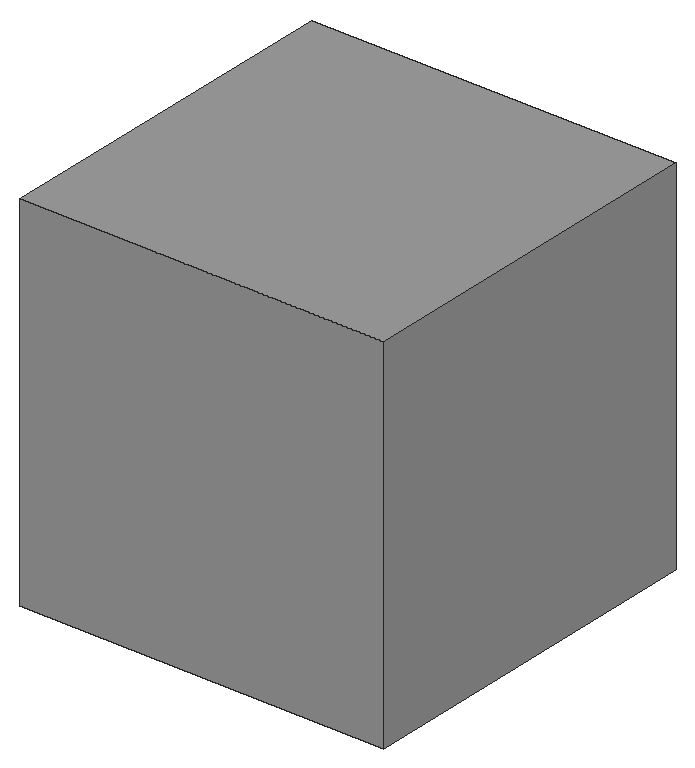
Revit family "小蓝", category 常规模型, Revit 2018
Family settings
  可将钢筋附着到主体 = 否
  圆形连接件大小 = 使用直径
  零件类型 = 标准
  基于工作平面 = 否
  总是垂直 = 是
  加载时剪切的空心 = 否
  共享 = 否
  房间计算点 = 否
Reference planes
  plane 1 "中心(前/后)": y = 0
  plane 2: z = 0
  plane 3 "中心(左/右)": x = 0
Forms (mm)
  Extrusion 1, solid, material "小蓝"
    sketch origin (0, 0, 0) x (1, 0, 0) y (0, 1, 0)
      loop
        line (0, 0) -> (1000, 0) -> (1000, 1000) -> (0, 1000) -> (0, 0)
    from 0 to 1000
Dimensions and locks
  aligned and locked: level to plane 2
